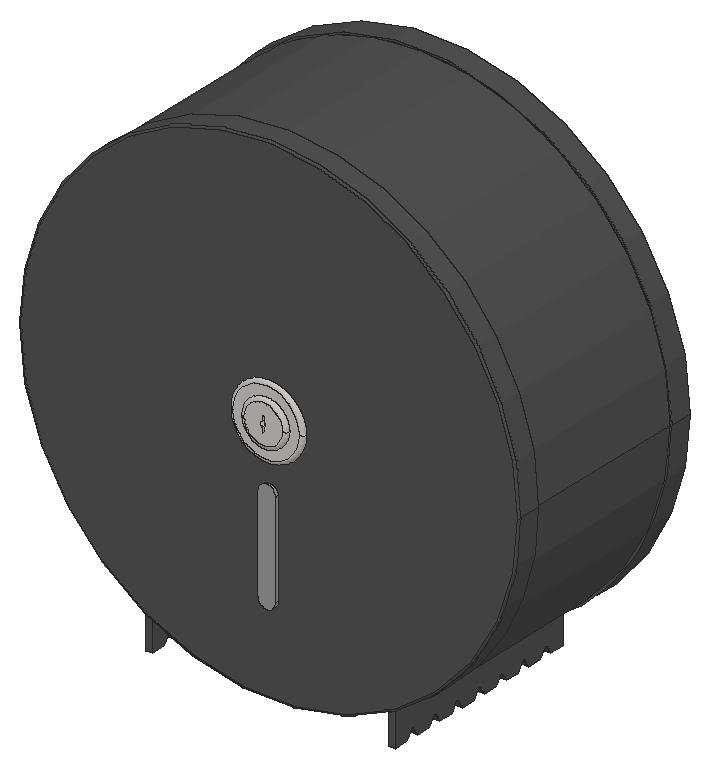
Revit family "rba-bim-rba7742-777-004", category Specialty Equipment, Revit 2018
Family settings
  Round Connector Dimension = Use Diameter
  Part Type = Normal
  Work Plane-Based = No
  Always vertical = Yes
  Cut with Voids When Loaded = No
  Shared = Yes
  Room Calculation Point = No
Parameters (values of type "RBA7742-777-004")
  Watermarked By = "www.rba.com.au"
  Waste Connection = yes
  Vent Connection = yes
  URL = ""
  Phone Number = "1300 788 778"
  Modified Issue = "20200319.01"
  Model = "RBA7742-777-004"
  Materials and Finishes = Stainless Steel Matte Black
  Manufacturer Model = ""
  Manufacturer = "RBA Group"  # constant formula
  HW Connection = yes
  Description = "Jumbo Toilet Roll Holder"
  Copyright by = "RBA Group"  # constant formula
  CW Connection = yes
Reference planes
  plane 1 "Center (Front/Back)": y = 0
  plane 2: z = 0
  plane 3 "Center (Left/Right)": x = 0
  plane 4: z = 270
  plane 5: y = -115
  plane 6: y = -119
Forms (mm)
  Extrusion 1, solid, material "Stainless Steel Matte Black"
    sketch origin (0, 0, 0) x (1, 0, 0) y (0, 0, 1)
      loop
        circle (0, 135.5) r 135.5
    from 0 to 12.5
  Extrusion 2, solid, material "Stainless Steel Matte Black"
    sketch origin (0, -105, 0) x (1, 0, 0) y (0, 0, 1)
      loop
        circle (0, 135.5) r 135.5
    from -2.5 to 10
  Extrusion 3, solid, material "Stainless Steel Matte Black"
    sketch origin (0, 0, 0) x (1, 0, 0) y (0, 0, 1)
      loop
        circle (0, 135.5) r 134.5
    from 12.5 to 102.5
  Extrusion 4, solid, material "Stainless Steel Matte Black"
    sketch origin (-40, 0, 0) x (0, 1, 0) y (0, 0, 1)
      loop
        line (-1, 0) -> (-1, 30) -> (-114, 30) -> (-114, 0) -> (-106.25, 0) -> (-103, 5) -> (-102, 5) -> (-98.75, 0) -> (-91.25, 0) -> (-88, 5) -> (-87, 5) -> (-83.75, 0) -> (-76.25, 0) -> (-73, 5) -> (-72, 5) -> (-68.75, 0) -> (-61.25, 0) -> (-58, 5) -> (-57, 5) -> (-53.75, 0) -> (-46.25, 0) -> (-43, 5) -> (-42, 5) -> (-38.75, 0) -> (-31.25, 0) -> (-28, 5) -> (-27, 5) -> (-23.75, 0) -> (-16.25, 0) -> (-13, 5) -> (-12, 5) -> (-8.75, 0) -> (-1, 0)
    from -27.5 to -24
  Extrusion 5, solid, material "Stainless Steel Matte Black"
    sketch origin (40, 0, 0) x (0, 1, 0) y (0, 0, -1)
      loop
        line (-1, 0) -> (-8.75, 0) -> (-12, -5) -> (-13, -5) -> (-16.25, 0) -> (-23.75, 0) -> (-27, -5) -> (-28, -5) -> (-31.25, 0) -> (-38.75, 0) -> (-42, -5) -> (-43, -5) -> (-46.25, 0) -> (-53.75, 0) -> (-57, -5) -> (-58, -5) -> (-61.25, 0) -> (-68.75, 0) -> (-72, -5) -> (-73, -5) -> (-76.25, 0) -> (-83.75, 0) -> (-87, -5) -> (-88, -5) -> (-91.25, 0) -> (-98.75, 0) -> (-102, -5) -> (-103, -5) -> (-106.25, 0) -> (-114, 0) -> (-114, -30) -> (-1, -30) -> (-1, 0)
    from -27.5 to -24
  Sweep 6, void
    path in 3D
      loop
        arc (135.5, -115, 135.5) -> (0, -115, 0) -> (-135.5, -115, 135.5) r 135.5
        arc (-135.5, -115, 135.5) -> (0, -115, 271) -> (135.5, -115, 135.5) r 135.5
    profile origin (0, -115, 271) x (0, 0, 1) y (0, -1, 0)
      loop
        line (0, 0) -> (-1, 0)
        arc (-1, 0) -> (-0.293, -0.293) -> (0, -1) r 1
        line (0, -1) -> (0, 0)
  Extrusion 7, solid, material "Stainless Steel AISI 304, Satin"
    sketch origin (0, -230.888, -510.475) x (1, 0, 0) y (0, 0, -1)
      loop
        line (-4.762, -560.096) -> (-4.762, -611.04)
        arc (-4.762, -611.04) -> (0, -615.803) -> (4.763, -611.04) r 4.763
        line (4.763, -611.04) -> (4.763, -560.096)
        arc (4.763, -560.096) -> (0, -555.334) -> (-4.762, -560.096) r 4.763
    from 114.3 to 115.888
  Extrusion 8, solid, material "Stainless Steel AISI 304, Polished"
    sketch origin (0, -143, 0) x (1, 0, 0) y (0, 0, 1)
      loop
        circle (0, 135.5) r 20
    from -28 to -26
  Extrusion 9, solid, material "Stainless Steel AISI 304, Polished"
    sketch origin (0, -160, 0) x (1, 0, 0) y (0, 0, 1)
      loop
        circle (0, 135.5) r 12.5
    from -43 to -41
  Sweep 10, void
    path in 3D
      loop
        arc (20, -117, 135.5) -> (0, -117, 115.5) -> (-20, -117, 135.5) r 20
        arc (-20, -117, 135.5) -> (0, -117, 155.5) -> (20, -117, 135.5) r 20
    profile origin (0, -117, 155.5) x (0, 0, 1) y (0, -1, 0)
      loop
        line (0, 0) -> (-2, 0)
        arc (-2, 0) -> (-0.586, -0.586) -> (0, -2) r 2
        line (0, -2) -> (0, 0)
  Sweep 11, void
    path in 3D
      loop
        arc (12.5, -119, 135.5) -> (0, -119, 123) -> (-12.5, -119, 135.5) r 12.5
        arc (-12.5, -119, 135.5) -> (0, -119, 148) -> (12.5, -119, 135.5) r 12.5
    profile origin (0, -119, 148) x (0, 0, 1) y (0, -1, 0)
      loop
        line (0, 0) -> (-2, 0)
        arc (-2, 0) -> (-0.586, -0.586) -> (0, -2) r 2
        line (0, -2) -> (0, 0)
  Extrusion 12, void
    sketch origin (0, 0, 0) x (1, 0, 0) y (0, 0, 1)
      loop
        arc (-0.5, 136.898) -> (-1.485, 135.5) -> (-0.5, 134.102) r 1.485
        line (-0.5, 134.102) -> (-0.5, 131.015) -> (0.5, 131.015) -> (0.5, 134.102)
        arc (0.5, 134.102) -> (1.485, 135.5) -> (0.5, 136.898) r 1.485
        line (0.5, 136.898) -> (0.5, 139.985) -> (-0.5, 139.985) -> (-0.5, 136.898)
    from 115 to 119
Cuts and joins
  Sweep 6 cuts Extrusion 1
  Sweep 6 cuts Extrusion 2
  Sweep 6 cuts Extrusion 3
  Sweep 6 cuts Extrusion 4
  Sweep 6 cuts Extrusion 5
  joined: Extrusion 1, Extrusion 2, Extrusion 3, Extrusion 4, Extrusion 5
  Sweep 11, Extrusion 12 cuts Extrusion 9
  Sweep 10, Extrusion 12 cuts Extrusion 8
Lines and regions (mm)
  sketch lines
    curve 1: arc (-135.5, -115, 135.5) -> (0, -115, 271) -> (135.5, -115, 135.5) r 135.5
    curve 2: arc (135.5, -115, 135.5) -> (0, -115, 0) -> (-135.5, -115, 135.5) r 135.5
    curve 3: arc (-20, -117, 135.5) -> (0, -117, 155.5) -> (20, -117, 135.5) r 20
    curve 4: arc (20, -117, 135.5) -> (0, -117, 115.5) -> (-20, -117, 135.5) r 20
    curve 5: arc (-12.5, -119, 135.5) -> (0, -119, 148) -> (12.5, -119, 135.5) r 12.5
    curve 6: arc (12.5, -119, 135.5) -> (0, -119, 123) -> (-12.5, -119, 135.5) r 12.5
Dimensions and locks
  aligned and locked: plane 2 to level
